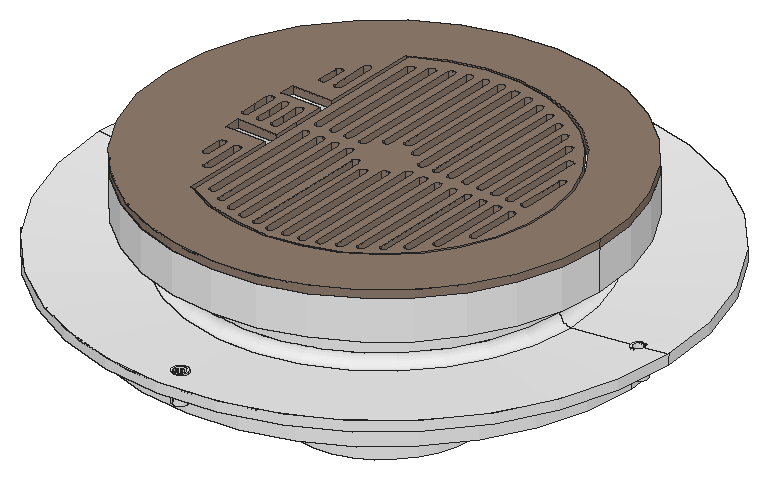
Revit family "Drain_Floor_Zurn-Z310-ThoroFlush", category Plumbing Fixtures, Revit 2022
Family settings
  Round Connector Dimension = Use Radius
  Part Type = Normal
  OmniClass Number = 23.45.55.21
  OmniClass Title = Drains (Wastes)
  Work Plane-Based = No
  Always vertical = Yes
  Cut with Voids When Loaded = No
  Maintain Annotation Orientation = No
  Shared = No
  Room Calculation Point = No
Parameters (values of type "Load Family Type Catalog")
  Waste Connection = 1 = 1  # yes
  WFU = 1  # constant formula
  Vent Connection = 1 = 0  # no
  URL = "www.zurn.com"
  Type Comments = "ZB310 4 Inch Threaded Outlet"
  Product data url = "https://www.bimobject.com/en-us/zurnindustries/product/zurn-z310"
  Product Page URL = "https://www.zurn.com/products/drainage-interceptors/floor-drains/flushing-rim-drains/z310"
  Product Documentation Link = "https://files.zurn.com/spec-sheets/z310.pdf"
  Pipe Size_A Outer Radius = Pipe Size_A Outer Diameter / 2  # 2.250"
  Pipe Size_A Outer Diameter = 4.500"
  Pipe Size_A Nominal Radius = Pipe Size_A Nominal Diameter / 2  # 2.000"
  Pipe Size_A Nominal Diameter = 4.000"
  Pipe Size_A Inside Radius = Pipe Size_A Inside Diameter / 2  # 2.013"
  Pipe Size_A Inside Diameter = 4.026"
  Modified Date = "12/11/2025"  # constant formula
  Model = "ZB310"
  Manufacurer Brand = "Zurn"  # constant formula
  Manufacturer = "Zurn Water, LLC"  # constant formula
  Main Material = Cast Iron- Zurn- White A.R.E Coated- Interior
  HWFU = 0  # constant formula
  HW Connection = 1 = 0  # no
  Grate Open Area = 18.000"  # constant formula
  Grate [instance] = Bronze - Zurn - Polished
  Description = "THOROFLUSH DRAIN"  # constant formula
  Default Elevation = 20.000"  # constant formula
  Date Created = "11/13/2018"  # constant formula
  Connector Radius = Pipe Size_A Nominal Diameter / 2  # 2.000"
  CWFU = 0  # constant formula
  CW Connection = 1 = 0  # no
  Body Height_E = 5.500"
  Assembly Code = "D2030300"
  Approx. Weight (Lbs) = 20.000"  # constant formula
Reference planes (in)
  plane 1 "Center (Front/Back)": y = 0
  plane 2: z = 0
  plane 3 "Center (Left/Right)": x = 0
  plane 4: x = -5.5
  plane 5: x = 5.5
  plane 6: x = 7.25
  plane 7: x = -7.25
  plane 8: x = 2
  plane 9: x = -2
  plane 10: x = -27.25
  plane 11: x = 29.25
  plane 12: x = 2.25
  plane 13: x = -2.25
  plane 14: x = -2.013
  plane 15: x = 2.013
  plane 16: x = 4.21875
  plane 17: x = 4.96875
  plane 18: x = 3.71875
  plane 19: z = -2
  plane 20 "outlet": z = -5.6875
  plane 21: z = -0.1875
  plane 22 "001": z = -3.125
  plane 23: z = -1.1875
  plane 24: y = 2
  plane 25: y = -2
  plane 26: z = -2.78805
Forms (in)
  Revolve 1, solid, material "Cast Iron- Zurn- White A.R.E Coated- Interior" <- "Main Material", detail levels fine
    sketch origin (0, 0, 0) x (1, 0, 0) y (0, 0, 1)
      loop
        line (5.5, -0.1875) -> (4.96875, -0.1875) -> (4.96875, -1.02324) -> (4.21875, -1.02324) -> (4.21875, -2.35122) -> (4.15557, -2.35122)
        arc (4.15557, -2.35122) -> (3.84669, -2.47917) -> (3.71875, -2.78805) r 0.43682
        line (3.71875, -2.78805) -> (3.71875, -2.89651) -> (2.25, -2.89651) -> (2.25, -3.125) -> (6.29687, -3.125) -> (6.29687, -2.35155) -> (7.25, -2.25138) -> (7.25, -2) -> (4.75947, -2.26177)
        arc (4.75947, -2.26177) -> (4.55584, -2.1956) -> (4.46875, -2) r 0.26321
        line (4.46875, -2) -> (4.46875, -1.4375)
        arc (4.46875, -1.4375) -> (4.54197, -1.26072) -> (4.71875, -1.1875) r 0.25
        line (4.71875, -1.1875) -> (5.5, -1.1875) -> (5.5, -0.1875)
      axis (0, -0.1875) -> (0, -3.125)
    angle from 0 to 360
  Extrusion 2, solid, material "Cast Iron- Zurn- White A.R.E Coated- Interior" <- "Main Material", detail levels fine
    sketch origin (0, 0, -3.125) x (-1, 0, 0) y (0, -1, 0)
      loop
        circle (0, 0) r 2.25
      loop
        circle (0, 0) r 2.013
    from 0 to -2.5625
  Extrusion 3, solid, material "Cast Iron- Zurn- White A.R.E Coated- Interior" <- "Main Material", detail levels fine
    sketch origin (0, 0, 0) x (1, 0, 0) y (0, 1, 0)
      loop
        circle (0, 6.5) r 0.1875
    from -2.06351 to -2.7731
  Extrusion 4, solid, material "Cast Iron- Zurn- White A.R.E Coated- Interior" <- "Main Material", detail levels fine
    sketch origin (0, 0, 0) x (0, -1, 0) y (1, 0, 0)
      loop
        circle (0, 6.5) r 0.1875
    from -2.08761 to -2.7731
  Extrusion 5, solid, material "Cast Iron- Zurn- White A.R.E Coated- Interior" <- "Main Material", detail levels fine
    sketch origin (0, 0, 0) x (-1, 0, 0) y (0, -1, 0)
      loop
        circle (0, 6.5) r 0.1875
    from -2.0574 to -2.7731
  Extrusion 6, solid, material "Cast Iron- Zurn- White A.R.E Coated- Interior" <- "Main Material", detail levels fine
    sketch origin (0, 0, 0) x (0, 1, 0) y (-1, 0, 0)
      loop
        circle (0, 6.5) r 0.1875
    from -2.08761 to -2.7731
  Extrusion 7, void
    sketch origin (0, 0, 0) x (1, 0, 0) y (0, 1, 0)
      loop
        circle (0, 6.5) r 0.14063
    from -2 to -3.125
  Extrusion 8, void
    sketch origin (0, 0, 0) x (0, -1, 0) y (1, 0, 0)
      loop
        circle (0, 6.5) r 0.14063
    from -2 to -3.125
  Extrusion 9, void
    sketch origin (0, 0, 0) x (-1, 0, 0) y (0, -1, 0)
      loop
        circle (0, 6.5) r 0.14063
    from -2 to -3.125
  Extrusion 10, void
    sketch origin (0, 0, 0) x (0, 1, 0) y (-1, 0, 0)
      loop
        circle (0, 6.5) r 0.14063
    from -2 to -3.125
Cuts and joins
  Extrusion 7, Extrusion 8, Extrusion 9, Extrusion 10 cuts Revolve 1
  Extrusion 7, Extrusion 8 cuts Extrusion 3
  Extrusion 9 cuts Extrusion 5
  Extrusion 10 cuts Extrusion 6
  Extrusion 8 cuts Extrusion 4
Lines and regions (in)
  Masking region 1
    outline origin (0, 0, 0) x (1, 0, 0) y (0, 1, 0)
      loop
        circle (0, 0) r 7.25
  model lines, detail levels coarse+medium
    curve 1: circle (0, 0, 0) r 5.5 normal (0, 0, 1)
    curve 2: circle (0, 0, 0) r 5.05371 normal (0, 0, 1)
    curve 3: line (-4.68261, 1.90083, 0) -> (-4.68261, -1.90083, 0)
    curve 4: line (-3.51196, 3.63403, 0) -> (-3.51196, -3.63403, 0)
    curve 5: line (-2.34131, 4.47865, 0) -> (-2.34131, -4.47865, 0)
    curve 6: line (-1.17065, 4.91626, 0) -> (-1.17065, -4.91626, 0)
    curve 7: line (4.68261, 1.90083, 0) -> (4.68261, -1.90083, 0)
    curve 8: line (3.51196, 3.63403, 0) -> (3.51196, -3.63403, 0)
    curve 9: line (2.34131, 4.47865, 0) -> (2.34131, -4.47865, 0)
    curve 10: line (1.17065, 4.91626, 0) -> (1.17065, -4.91626, 0)
    curve 11: line (0, 5.05371, 0) -> (0, -5.05371, 0)
    curve 12: line (-2.62737, 4.31705, 0) -> (2.62737, 4.31705, 0)
    curve 13: line (-3.8803, 3.23779, 0) -> (3.8803, 3.23779, 0)
    curve 14: line (-4.56955, 2.15853, 0) -> (4.56955, 2.15853, 0)
    curve 15: line (-4.93713, 1.07926, 0) -> (4.9589, 1.07926, 0)
    curve 16: line (-2.62737, -4.31705, 0) -> (2.62737, -4.31705, 0)
    curve 17: line (-3.8803, -3.23779, 0) -> (3.8803, -3.23779, 0)
    curve 18: line (-4.56955, -2.15853, 0) -> (4.56955, -2.15853, 0)
    curve 19: line (-4.93713, -1.07926, 0) -> (4.93713, -1.07926, 0)
    curve 20: line (-5.05371, 0, 0) -> (5.05371, 0, 0)
    curve 21: line (0, 0, 0) -> (0, 0, -5.6875)
    curve 22: line (0, 2, -5.6875) -> (0, -2, -5.6875)
    curve 23: line (-2, 0, -5.6875) -> (2, 0, -5.6875)
Dimensions and locks (in)
  equal spacing: plane 4, plane 3 "Center (Left/Right)", plane 5
  locked: plane 4 to plane 5 at 11
  equal spacing: plane 7, plane 3 "Center (Left/Right)", plane 6
  locked: plane 7 to plane 6 at 14.5
  equal spacing: plane 9, plane 3 "Center (Left/Right)", plane 8
  locked: plane 9 to plane 8 at 4
  plane 10 to plane 3 "Center (Left/Right)" to plane 11 = 27.250", 29.250"
  equal spacing: plane 13, plane 3 "Center (Left/Right)", plane 12
  "Pipe Size_A Outer Diameter": plane 13 to plane 12
  equal spacing: plane 14, plane 3 "Center (Left/Right)", plane 15
  "Pipe Size_A Inside Diameter": plane 14 to plane 15
  locked: plane 17 to plane 5 at 0.53125
  locked: plane 16 to plane 5 at 1.28125
  locked: plane 3 "Center (Left/Right)" to plane 18 at 3.71875
  locked: level to plane 21 at 0.1875
  locked: level to plane 19 at 2
  locked: plane 21 to plane 22 "001" at 2.9375
  locked: level to plane 23 at 1.1875
  plane 19 to Extrusion 3 to Extrusion 3 = 0.06351" locked, 0.7096" locked
  plane 19 to Extrusion 6 to Extrusion 6 = 0.08761" locked, 0.68549" locked
  plane 19 to Extrusion 5 to Extrusion 5 = 0.0574" locked, 0.71571" locked
  locked: plane 1 "Center (Front/Back)" to Extrusion 7 sketch curve at 6.5
  locked: Extrusion 5 sketch curve to plane 1 "Center (Front/Back)" at 6.5
  locked: nested 1 to Extrusion 4 sketch curve at 6.5
  locked: plane 1 "Center (Front/Back)" to Extrusion 3 sketch curve at 6.5
  locked: nested 1 to Extrusion 6 sketch curve at 6.5
  locked: Extrusion 9 sketch curve to plane 1 "Center (Front/Back)" at 6.5
  locked: nested 1 to Extrusion 8 sketch curve at 6.5
  locked: Extrusion 10 sketch curve to plane 3 "Center (Left/Right)" at 6.5
  equal spacing: curve 3, curve 4, curve 5, curve 6, plane 3 "Center (Left/Right)", curve 10, curve 9, curve 8, curve 7, locked at 1.17065 each
  equal spacing: curve 16, curve 17, curve 18, curve 19, plane 1 "Center (Front/Back)", curve 15, curve 14, curve 13, curve 12, locked at 1.07926 each
  plane 24 to plane 1 "Center (Front/Back)" to plane 25 = 2.000", 2.000"
  locked: plane 24 to plane 25 at 4
  locked: Revolve 1 sketch curve to Revolve 1 sketch curve at 0.95313
  locked: Revolve 1 sketch curve to Revolve 1 sketch curve at 0.25  (x2)
  locked: cut or joined group of Revolve 1, Extrusion 7, Extrusion 8, Extrusion 9, Extrusion 10 to cut or joined group of Revolve 1, Extrusion 7, Extrusion 8, Extrusion 9, Extrusion 10 at 0.83574
  locked: Revolve 1 sketch curve to Revolve 1 sketch curve at 0.54528
  locked: Revolve 1 sketch curve to Revolve 1 sketch curve at 0.22849
  locked: Revolve 1 sketch curve to plane 18 at 0.43682
  locked: plane 17 to Revolve 1 sketch curve at 0.23679
  locked: Revolve 1 sketch curve to plane 23 at 0.25
  locked: plane 17 to Revolve 1 sketch curve at 0.25
  "Body Height_E": plane 20 "outlet" to plane 21
  "Pipe Size_A Inside Radius": radius of Extrusion 2 sketch curve
  "Pipe Size_A Outer Radius": radius of Extrusion 2 sketch curve
  radius of Revolve 1 sketch curve = 0.43682"
  locked: Revolve 1 sketch curve to Revolve 1 sketch curve (angle 84.00°)
  aligned and locked: plane 2 to level
  aligned and locked: Revolve 1 sketch curve to plane 5
  aligned and locked: plane 12 to Revolve 1 sketch curve
  aligned and locked: plane 3 "Center (Left/Right)" to Extrusion 2 sketch curve  (x2)
  aligned and locked: plane 1 "Center (Front/Back)" to Extrusion 2 sketch curve  (x2)
  aligned and locked: Extrusion 2 to plane 20 "outlet"
  aligned and locked: Extrusion 7 to plane 22 "001"
  aligned and locked: plane 19 to Extrusion 7
  aligned and locked: plane 3 "Center (Left/Right)" to Extrusion 5 sketch curve
  aligned and locked: plane 1 "Center (Front/Back)" to Extrusion 4 sketch curve
  aligned and locked: plane 3 "Center (Left/Right)" to Extrusion 3 sketch curve
  aligned and locked: plane 3 "Center (Left/Right)" to Extrusion 9 sketch curve
  aligned and locked: plane 1 "Center (Front/Back)" to Extrusion 8 sketch curve
  aligned and locked: plane 3 "Center (Left/Right)" to Extrusion 7 sketch curve
  aligned and locked: plane 1 "Center (Front/Back)" to Extrusion 10 sketch curve
  aligned and locked: curve 11 to plane 3 "Center (Left/Right)"
  aligned and locked: plane 1 "Center (Front/Back)" to curve 20
  aligned and locked: plane 20 "outlet" to curve 21
  aligned and locked: level to curve 21
  aligned and locked: curve 21 to plane 3 "Center (Left/Right)"
  aligned and locked: plane 24 to curve 22
  aligned and locked: plane 25 to curve 22
  aligned and locked: curve 22 to plane 3 "Center (Left/Right)"
  aligned and locked: plane 9 to curve 23
  aligned and locked: plane 8 to curve 23
  aligned and locked: plane 1 "Center (Front/Back)" to curve 23
  aligned and locked: plane 1 "Center (Front/Back)" to Masking region 1 sketch curve
  aligned and locked: plane 3 "Center (Left/Right)" to Masking region 1 sketch curve
  aligned and locked: Revolve 1 sketch curve to plane 17
  aligned and locked: plane 6 to Revolve 1 sketch curve
  aligned and locked: plane 18 to Revolve 1 sketch curve
  aligned and locked: plane 22 "001" to Extrusion 2
  aligned and locked: plane 22 "001" to Revolve 1 sketch curve
  aligned and locked: plane 26 to Revolve 1 sketch curve
  aligned and locked: plane 19 to Revolve 1 sketch curve  (x2)
  aligned and locked: plane 16 to Revolve 1 sketch curve
  aligned and locked: plane 23 to Revolve 1 sketch curve
  aligned and locked: Revolve 1 sketch curve to plane 21
  aligned and locked: level to nested 1
  aligned and locked: plane 3 "Center (Left/Right)" to curve 1
  aligned and locked: plane 1 "Center (Front/Back)" to curve 1
Automatic sketch dimensions
  plane 1 "Center (Front/Back)" to Extrusion 6 sketch curve = 0.000"
  Revolve 1 sketch curve to level = 0.000"
  Revolve 1 sketch curve to plane 3 "Center (Left/Right)" = 0.000"
  Revolve 1 sketch curve to plane 20 "outlet" = 0.000"
  plane 23 to Revolve 1 sketch curve = 0.16426"
  plane 1 "Center (Front/Back)" to curve 2 = 0.000"
  curve 2 to plane 3 "Center (Left/Right)" = 0.000"
  plane 9 to curve 6 = 0.82935"
  curve 16 to curve 5 = 0.28607"
  curve 13 to curve 4 = 0.36834"
  curve 15 to plane 17 = 0.00985"
  radius of Extrusion 3 sketch curve = 0.1875"
  radius of Extrusion 4 sketch curve = 0.1875"
  radius of Extrusion 5 sketch curve = 0.1875"
  radius of Extrusion 6 sketch curve = 0.1875"
  radius of Extrusion 7 sketch curve = 0.14063"
  radius of Extrusion 8 sketch curve = 0.14063"
  radius of Extrusion 9 sketch curve = 0.14063"
  radius of Extrusion 10 sketch curve = 0.14063"
  radius of Masking region 1 sketch curve = 7.250"
  radius of curve 1 = 5.500"
Nested families (in)
  nested 1: "Grate" at (0, 0, 0.3125), Grate Material <- "Grate", type "Grate", detail levels fine
    with Grate Material Bronze - Zurn - Polished, Frame Adjustment Height 3.063", Enter Value-Frame Adjustment Height 0.000"
Connectors (in)
  piping at (0, 0, -5.6875), diameter 4, driven by "Pipe Size_A Nominal Radius", driven by "Waste Connection", driven by "Waste Connection"
    settings: on Extrusion 2, index 1, connector inside diameter 24", connector length 0.000", flow factor 0, pipe flow 0 GPM, pressure drop 0.00 psi, fitting loss kfactor 0, connector angle 0.00°, fixture units 0, engagement length 0.000", angle of deflection 0.00°, flow configuration 0, flow direction 2, fitting loss method 0, system type 16, joint type 0, gender type 0, connector reference index -1, connector utility 1, adjustable connector yes, is connector primary yes, connector description "Sanitary Outlet"
Definition of nested family "Grate"
  Parameters (values of type "Grate")
    Waste Connection = 1 = 1  # yes
    WFU = 1  # constant formula
    Vent Connection = 1 = 0  # no
    URL = "www.zurn.com"
    Product data url = ""
    Product Page URL = ""
    Product Installation Sheet URL = ""
    Product Documentation Link = ""
    Pipe Size_A Outer Diameter = 0.000"
    Pipe Size_A Nominal Diameter = 0.000"
    Pipe Size_A Inside Diameter = 0.000"
    Modified Date = ""
    Manufacurer Brand = "Zurn"  # constant formula
    Manufacturer = "Zurn Water, LLC"  # constant formula
    Main Material = none
    HWFU = 0  # constant formula
    HW Connection = 1 = 0  # no
    Grate Open Area = 0.000"
    Grate Material [instance] = none
    Frame Adjustment Height [instance] = if([Enter Value-Frame Adjustment Height] < 3.063", 3.063", if([Enter Value-Frame Adjustment Height] > 5.000", 5.000", [Enter Value-Frame Adjustment Height]))  # 3.063"
    Enter Value-Frame Adjustment Height [instance] = 0.000"
    Default Elevation = 20.000"  # constant formula
    Date Created = ""
    Connector Radius = Pipe Size_A Nominal Diameter / 2  # 0.000"
    CWFU = 0  # constant formula
    CW Connection = 1 = 0  # no
    Body Height_E = 0.000"
    Assembly Code = ""
    Approx. Weight (Lbs) = 0.000"
  Reference planes (in)
    plane 1 "Center (Front/Back)": y = 0
    plane 2: z = 0
    plane 3 "Center (Left/Right)": x = 0
  Forms (in)
    Extrusion 1, solid, material <- "Grate Material", detail levels fine
      sketch origin (0.10152, -0.06907, 0) x (1, 0, 0) y (0, 1, 0)
        loop
          line (-0.10557, 3.66468) -> (-0.10557, 0.72389)
          arc (-0.10557, 0.72389) -> (-0.00754, 0.62586) -> (0.09049, 0.72389) r 0.09803
          line (0.09049, 0.72389) -> (0.09049, 3.66468)
          arc (0.09049, 3.66468) -> (-0.00754, 3.76271) -> (-0.10557, 3.66468) r 0.09803
        loop
          line (-0.28811, 0.51275) -> (-0.28811, 3.63452)
          arc (-0.28811, 3.63452) -> (-0.38186, 3.72827) -> (-0.47561, 3.63452) r 0.09375
          line (-0.47561, 3.63452) -> (-0.47561, 0.51275)
          arc (-0.47561, 0.51275) -> (-0.38186, 0.419) -> (-0.28811, 0.51275) r 0.09375
        loop
          arc (-0.66311, 3.58928) -> (-0.75686, 3.68303) -> (-0.85061, 3.58928) r 0.09375
          line (-0.85061, 3.58928) -> (-0.85061, 0.22622)
          arc (-0.85061, 0.22622) -> (-0.75686, 0.13247) -> (-0.66311, 0.22622) r 0.09375
          line (-0.66311, 0.22622) -> (-0.66311, 3.58928)
        loop
          line (-1.03811, 0.22622) -> (-1.03811, 3.48371)
          arc (-1.03811, 3.48371) -> (-1.13186, 3.57746) -> (-1.22561, 3.48371) r 0.09375
          line (-1.22561, 3.48371) -> (-1.22561, 0.22622)
          arc (-1.22561, 0.22622) -> (-1.13186, 0.13247) -> (-1.03811, 0.22622) r 0.09375
        loop
          line (-1.41311, 0.22622) -> (-1.41311, 3.3329)
          arc (-1.41311, 3.3329) -> (-1.50686, 3.42665) -> (-1.60061, 3.3329) r 0.09375
          line (-1.60061, 3.3329) -> (-1.60061, 0.22622)
          arc (-1.60061, 0.22622) -> (-1.50686, 0.13247) -> (-1.41311, 0.22622) r 0.09375
        loop
          arc (-1.78811, 3.13685) -> (-1.88186, 3.2306) -> (-1.97561, 3.13685) r 0.09375
          line (-1.97561, 3.13685) -> (-1.97561, 0.22622)
          arc (-1.97561, 0.22622) -> (-1.88186, 0.13247) -> (-1.78811, 0.22622) r 0.09375
          line (-1.78811, 0.22622) -> (-1.78811, 3.13685)
        loop
          line (0.27146, 3.63452) -> (0.27146, 0.51275)
          arc (0.27146, 0.51275) -> (0.36948, 0.41473) -> (0.46751, 0.51275) r 0.09803
          line (0.46751, 0.51275) -> (0.46751, 3.63452)
          arc (0.46751, 3.63452) -> (0.36948, 3.73255) -> (0.27146, 3.63452) r 0.09803
        loop
          arc (0.64848, 0.22622) -> (0.74651, 0.12819) -> (0.84454, 0.22622) r 0.09803
          line (0.84454, 0.22622) -> (0.84454, 3.58928)
          arc (0.84454, 3.58928) -> (0.74651, 3.6873) -> (0.64848, 3.58928) r 0.09803
          line (0.64848, 3.58928) -> (0.64848, 0.22622)
        loop
          line (1.02551, 3.48371) -> (1.02551, 0.22622)
          arc (1.02551, 0.22622) -> (1.11599, 0.13573) -> (1.20648, 0.22622) r 0.09049
          line (1.20648, 0.22622) -> (1.20648, 3.48371)
          arc (1.20648, 3.48371) -> (1.11599, 3.5742) -> (1.02551, 3.48371) r 0.09049
        loop
          line (1.40253, 3.3329) -> (1.40253, 0.22622)
          arc (1.40253, 0.22622) -> (1.49302, 0.13573) -> (1.58351, 0.22622) r 0.09049
          line (1.58351, 0.22622) -> (1.58351, 3.3329)
          arc (1.58351, 3.3329) -> (1.49302, 3.42339) -> (1.40253, 3.3329) r 0.09049
        loop
          line (1.77956, 3.13685) -> (1.77956, 0.22622)
          arc (1.77956, 0.22622) -> (1.87004, 0.13573) -> (1.96053, 0.22622) r 0.09049
          line (1.96053, 0.22622) -> (1.96053, 3.13685)
          arc (1.96053, 3.13685) -> (1.87004, 3.22733) -> (1.77956, 3.13685) r 0.09049
        loop
          line (2.15658, 2.88047) -> (2.15658, 0.22622)
          arc (2.15658, 0.22622) -> (2.24707, 0.13573) -> (2.33756, 0.22622) r 0.09049
          line (2.33756, 0.22622) -> (2.33756, 2.88047)
          arc (2.33756, 2.88047) -> (2.24707, 2.97096) -> (2.15658, 2.88047) r 0.09049
        loop
          arc (2.51853, 0.20906) -> (2.62441, 0.12781) -> (2.71458, 0.22622) r 0.09878
          line (2.71458, 0.22622) -> (2.71458, 2.54869)
          arc (2.71458, 2.54869) -> (2.61655, 2.64672) -> (2.51853, 2.54869) r 0.09803
          line (2.51853, 2.54869) -> (2.51853, 0.20906)
        loop
          arc (2.89555, 0.22622) -> (2.99358, 0.12819) -> (3.09161, 0.22622) r 0.09803
          line (3.09161, 0.22622) -> (3.09161, 2.09626)
          arc (3.09161, 2.09626) -> (2.99358, 2.19429) -> (2.89555, 2.09626) r 0.09803
          line (2.89555, 2.09626) -> (2.89555, 0.22622)
        loop
          line (3.27258, 1.40253) -> (3.27258, 0.22622)
          arc (3.27258, 0.22622) -> (3.36306, 0.13573) -> (3.45355, 0.22622) r 0.09049
          line (3.45355, 0.22622) -> (3.45355, 1.40253)
          arc (3.45355, 1.40253) -> (3.36306, 1.49302) -> (3.27258, 1.40253) r 0.09049
        loop
          arc (-0.10557, -3.66468) -> (-0.00754, -3.76271) -> (0.09049, -3.66468) r 0.09803
          line (0.09049, -3.66468) -> (0.09049, -0.72389)
          arc (0.09049, -0.72389) -> (-0.00754, -0.62586) -> (-0.10557, -0.72389) r 0.09803
          line (-0.10557, -0.72389) -> (-0.10557, -3.66468)
        loop
          arc (-0.28811, -0.51275) -> (-0.38186, -0.419) -> (-0.47561, -0.51275) r 0.09375
          line (-0.47561, -0.51275) -> (-0.47561, -3.63452)
          arc (-0.47561, -3.63452) -> (-0.38186, -3.72827) -> (-0.28811, -3.63452) r 0.09375
          line (-0.28811, -3.63452) -> (-0.28811, -0.51275)
        loop
          line (-0.66311, -3.58928) -> (-0.66311, -0.22622)
          arc (-0.66311, -0.22622) -> (-0.75686, -0.13247) -> (-0.85061, -0.22622) r 0.09375
          line (-0.85061, -0.22622) -> (-0.85061, -3.58928)
          arc (-0.85061, -3.58928) -> (-0.75686, -3.68303) -> (-0.66311, -3.58928) r 0.09375
        loop
          arc (-1.03811, -0.22622) -> (-1.13186, -0.13247) -> (-1.22561, -0.22622) r 0.09375
          line (-1.22561, -0.22622) -> (-1.22561, -3.48371)
          arc (-1.22561, -3.48371) -> (-1.13186, -3.57746) -> (-1.03811, -3.48371) r 0.09375
          line (-1.03811, -3.48371) -> (-1.03811, -0.22622)
        loop
          arc (-1.41311, -0.22622) -> (-1.50686, -0.13247) -> (-1.60061, -0.22622) r 0.09375
          line (-1.60061, -0.22622) -> (-1.60061, -3.3329)
          arc (-1.60061, -3.3329) -> (-1.50686, -3.42665) -> (-1.41311, -3.3329) r 0.09375
          line (-1.41311, -3.3329) -> (-1.41311, -0.22622)
        loop
          line (-1.78811, -3.13685) -> (-1.78811, -0.22622)
          arc (-1.78811, -0.22622) -> (-1.88186, -0.13247) -> (-1.97561, -0.22622) r 0.09375
          line (-1.97561, -0.22622) -> (-1.97561, -3.13685)
          arc (-1.97561, -3.13685) -> (-1.88186, -3.2306) -> (-1.78811, -3.13685) r 0.09375
        loop
          arc (0.27146, -3.63452) -> (0.36948, -3.73255) -> (0.46751, -3.63452) r 0.09803
          line (0.46751, -3.63452) -> (0.46751, -0.51275)
          arc (0.46751, -0.51275) -> (0.36948, -0.41473) -> (0.27146, -0.51275) r 0.09803
          line (0.27146, -0.51275) -> (0.27146, -3.63452)
        loop
          line (0.64848, -0.22622) -> (0.64848, -3.58928)
          arc (0.64848, -3.58928) -> (0.74651, -3.6873) -> (0.84454, -3.58928) r 0.09803
          line (0.84454, -3.58928) -> (0.84454, -0.22622)
          arc (0.84454, -0.22622) -> (0.74651, -0.12819) -> (0.64848, -0.22622) r 0.09803
        loop
          arc (1.02551, -3.48371) -> (1.11599, -3.5742) -> (1.20648, -3.48371) r 0.09049
          line (1.20648, -3.48371) -> (1.20648, -0.22622)
          arc (1.20648, -0.22622) -> (1.11599, -0.13573) -> (1.02551, -0.22622) r 0.09049
          line (1.02551, -0.22622) -> (1.02551, -3.48371)
        loop
          arc (1.40253, -3.3329) -> (1.49302, -3.42339) -> (1.58351, -3.3329) r 0.09049
          line (1.58351, -3.3329) -> (1.58351, -0.22622)
          arc (1.58351, -0.22622) -> (1.49302, -0.13573) -> (1.40253, -0.22622) r 0.09049
          line (1.40253, -0.22622) -> (1.40253, -3.3329)
        loop
          arc (1.77956, -3.13685) -> (1.87004, -3.22733) -> (1.96053, -3.13685) r 0.09049
          line (1.96053, -3.13685) -> (1.96053, -0.22622)
          arc (1.96053, -0.22622) -> (1.87004, -0.13573) -> (1.77956, -0.22622) r 0.09049
          line (1.77956, -0.22622) -> (1.77956, -3.13685)
        loop
          arc (2.15658, -2.88047) -> (2.24707, -2.97096) -> (2.33756, -2.88047) r 0.09049
          line (2.33756, -2.88047) -> (2.33756, -0.22622)
          arc (2.33756, -0.22622) -> (2.24707, -0.13573) -> (2.15658, -0.22622) r 0.09049
          line (2.15658, -0.22622) -> (2.15658, -2.88047)
        loop
          line (2.51853, -0.20906) -> (2.51853, -2.54869)
          arc (2.51853, -2.54869) -> (2.61655, -2.64672) -> (2.71458, -2.54869) r 0.09803
          line (2.71458, -2.54869) -> (2.71458, -0.22622)
          arc (2.71458, -0.22622) -> (2.62441, -0.12781) -> (2.51853, -0.20906) r 0.09878
        loop
          line (2.89555, -0.22622) -> (2.89555, -2.09626)
          arc (2.89555, -2.09626) -> (2.99358, -2.19429) -> (3.09161, -2.09626) r 0.09803
          line (3.09161, -2.09626) -> (3.09161, -0.22622)
          arc (3.09161, -0.22622) -> (2.99358, -0.12819) -> (2.89555, -0.22622) r 0.09803
        loop
          arc (3.27258, -1.40253) -> (3.36306, -1.49302) -> (3.45355, -1.40253) r 0.09049
          line (3.45355, -1.40253) -> (3.45355, -0.22622)
          arc (3.45355, -0.22622) -> (3.36306, -0.13573) -> (3.27258, -0.22622) r 0.09049
          line (3.27258, -0.22622) -> (3.27258, -1.40253)
        loop
          line (-3.03128, 2.17166) -> (-3.03128, 1.68907)
          arc (-3.03128, 1.68907) -> (-2.9408, 1.59859) -> (-2.85031, 1.68907) r 0.09049
          line (-2.85031, 1.68907) -> (-2.85031, 2.17166)
          arc (-2.85031, 2.17166) -> (-2.9408, 2.26215) -> (-3.03128, 2.17166) r 0.09049
        loop
          line (-2.66934, 2.60901) -> (-2.66934, 1.68907)
          arc (-2.66934, 1.68907) -> (-2.57131, 1.59105) -> (-2.47328, 1.68907) r 0.09803
          line (-2.47328, 1.68907) -> (-2.47328, 2.60901)
          arc (-2.47328, 2.60901) -> (-2.57131, 2.70704) -> (-2.66934, 2.60901) r 0.09803
        loop
          line (-3.40831, 0.06907) -> (-3.40831, -0.30593)
          arc (-3.40831, -0.30593) -> (-3.31782, -0.39642) -> (-3.22733, -0.30593) r 0.09049
          line (-3.22733, -0.30593) -> (-3.22733, 0.06907) -> (-3.22733, 0.44407)
          arc (-3.22733, 0.44407) -> (-3.31782, 0.53456) -> (-3.40831, 0.44407) r 0.09049
          line (-3.40831, 0.44407) -> (-3.40831, 0.06907)
        loop
          line (-3.03128, 0.44407) -> (-3.03128, 0.06907) -> (-3.03128, -0.30593)
          arc (-3.03128, -0.30593) -> (-2.9408, -0.39642) -> (-2.85031, -0.30593) r 0.09049
          line (-2.85031, -0.30593) -> (-2.85031, 0.06907) -> (-2.85031, 0.44407)
          arc (-2.85031, 0.44407) -> (-2.9408, 0.53456) -> (-3.03128, 0.44407) r 0.09049
        loop
          line (-2.66934, 0.44407) -> (-2.66934, 0.06907) -> (-2.66934, -0.30593)
          arc (-2.66934, -0.30593) -> (-2.57131, -0.40396) -> (-2.47328, -0.30593) r 0.09803
          line (-2.47328, -0.30593) -> (-2.47328, 0.06907) -> (-2.47328, 0.44407)
          arc (-2.47328, 0.44407) -> (-2.57131, 0.5421) -> (-2.66934, 0.44407) r 0.09803
        loop
          line (-3.28766, 1.13157) -> (-3.28766, 0.75657) -> (-2.29231, 0.75657) -> (-2.29231, 0) -> (-2.29231, -0.61843) -> (-3.28766, -0.61843) -> (-3.28766, -0.99343) -> (-2.29231, -0.99343) -> (-2.29231, -3.35209)
          arc (-2.29231, -3.35209) -> (3.96098, 0.06907) -> (-2.29231, 3.49023) r 4.0625
          line (-2.29231, 3.49023) -> (-2.29231, 1.13157) -> (-3.28766, 1.13157)
        loop
          circle (-0.10152, 0.06907) r 5.5
        loop
          arc (-3.03128, -2.03352) -> (-2.9408, -2.12401) -> (-2.85031, -2.03352) r 0.09049
          line (-2.85031, -2.03352) -> (-2.85031, -1.55093)
          arc (-2.85031, -1.55093) -> (-2.9408, -1.46045) -> (-3.03128, -1.55093) r 0.09049
          line (-3.03128, -1.55093) -> (-3.03128, -2.03352)
        loop
          arc (-2.66934, -2.47087) -> (-2.57131, -2.5689) -> (-2.47328, -2.47087) r 0.09803
          line (-2.47328, -2.47087) -> (-2.47328, -1.55093)
          arc (-2.47328, -1.55093) -> (-2.57131, -1.45291) -> (-2.66934, -1.55093) r 0.09803
          line (-2.66934, -1.55093) -> (-2.66934, -2.47087)
        loop
          line (-2.18674, 3.48255) -> (-2.18675, -3.34441)
          arc (-2.18675, -3.34441) -> (3.89848, 0.06907) -> (-2.18674, 3.48255) r 4
      from -0.5 to -0.3125
  Dimensions and locks (in)
    Extrusion 1 sketch curve to plane 1 "Center (Front/Back)" to Extrusion 1 sketch curve = 0.6875" locked, 0.6875" locked
    Extrusion 1 sketch curve to Extrusion 1 sketch curve to Extrusion 1 sketch curve to Extrusion 1 sketch curve to Extrusion 1 sketch curve to Extrusion 1 sketch curve to Extrusion 1 sketch curve to Extrusion 1 sketch curve to Extrusion 1 sketch curve to Extrusion 1 sketch curve to Extrusion 1 sketch curve to Extrusion 1 sketch curve to Extrusion 1 sketch curve to Extrusion 1 sketch curve to Extrusion 1 sketch curve to Extrusion 1 sketch curve to Extrusion 1 sketch curve to Extrusion 1 sketch curve to Extrusion 1 sketch curve to Extrusion 1 sketch curve to Extrusion 1 sketch curve to Extrusion 1 sketch curve to Extrusion 1 sketch curve to Extrusion 1 sketch curve to Extrusion 1 sketch curve to Extrusion 1 sketch curve to Extrusion 1 sketch curve to Extrusion 1 sketch curve to Extrusion 1 sketch curve to Extrusion 1 sketch curve = 0.1875" locked, 0.1875" locked, 0.1875" locked, 0.1875" locked, 0.1875" locked, 0.1875" locked, 0.1875" locked, 0.1875" locked, 0.1875" locked, 0.18254" locked, 0.19605" locked, 0.18097" locked, 0.19605" locked, 0.18097" locked, 0.19605" locked, 0.18097" locked, 0.18097" locked, 0.19605" locked, 0.18097" locked, 0.19605" locked, 0.18097" locked, 0.19605" locked, 0.18097" locked, 0.18097" locked, 0.19605" locked, 0.18097" locked, 0.19605" locked, 0.18097" locked, 0.18097" locked
    locked: plane 1 "Center (Front/Back)" to Extrusion 1 sketch curve at 1.62  (x4)
    locked: Extrusion 1 sketch curve to Extrusion 1 sketch curve at 0.375
    Extrusion 1 sketch curve to Extrusion 1 sketch curve = 0.375"
    locked: plane 1 "Center (Front/Back)" to Extrusion 1 sketch curve at 0.375  (x6)
    aligned and locked: plane 2 to level
    aligned and locked: Extrusion 1 sketch curve to Extrusion 1 sketch curve  (x29)
    aligned and locked: plane 1 "Center (Front/Back)" to Extrusion 1 sketch curve  (x2)
    aligned and locked: plane 3 "Center (Left/Right)" to Extrusion 1 sketch curve  (x2)
  Automatic sketch dimensions
    Extrusion 1 sketch curve to Extrusion 1 sketch curve = 0.000"  (x12)
    plane 1 "Center (Front/Back)" to Extrusion 1 sketch curve = 0.000"  (x6)
    Extrusion 1 sketch curve to plane 3 "Center (Left/Right)" = 0.00405"
    Extrusion 1 sketch curve to Extrusion 1 sketch curve = 0.3167"
    Extrusion 1 sketch curve to Extrusion 1 sketch curve = 0.18097"  (x7)
    Extrusion 1 sketch curve to Extrusion 1 sketch curve = 0.09803"  (x3)
    Extrusion 1 sketch curve to Extrusion 1 sketch curve = 0.09049"  (x4)
    Extrusion 1 sketch curve to Extrusion 1 sketch curve = 0.19605"  (x5)
    Extrusion 1 sketch curve to Extrusion 1 sketch curve = 0.25638"  (x4)
    Extrusion 1 sketch curve to Extrusion 1 sketch curve = 0.09728"  (x2)
    Extrusion 1 sketch curve to Extrusion 1 sketch curve = 0.48259"  (x2)
    plane 1 "Center (Front/Back)" to Extrusion 1 sketch curve = 2.16533"
    Extrusion 1 sketch curve to Extrusion 1 sketch curve = 0.43735"  (x2)
    Extrusion 1 sketch curve to Extrusion 1 sketch curve = 0.45243"  (x2)
    Extrusion 1 sketch curve to Extrusion 1 sketch curve = 0.33178"  (x2)
    Extrusion 1 sketch curve to Extrusion 1 sketch curve = 0.66598"
    Extrusion 1 sketch curve to Extrusion 1 sketch curve = 0.21524"
    Extrusion 1 sketch curve to Extrusion 1 sketch curve = 0.15081"  (x4)
    Extrusion 1 sketch curve to Extrusion 1 sketch curve = 0.10557"  (x6)
    Extrusion 1 sketch curve to Extrusion 1 sketch curve = 0.04524"  (x4)
    Extrusion 1 sketch curve to Extrusion 1 sketch curve = 0.03016"  (x2)
    Extrusion 1 sketch curve to Extrusion 1 sketch curve = 0.69373"  (x2)
    plane 1 "Center (Front/Back)" to Extrusion 1 sketch curve = 0.79296"
    Extrusion 1 sketch curve to Extrusion 1 sketch curve = 0.21113"  (x3)
    plane 1 "Center (Front/Back)" to Extrusion 1 sketch curve = 0.29529"  (x4)
    plane 1 "Center (Front/Back)" to Extrusion 1 sketch curve = 0.06907"
    Extrusion 1 sketch curve to plane 1 "Center (Front/Back)" = 0.13999"
    Extrusion 1 sketch curve to plane 1 "Center (Front/Back)" = 0.15714"  (x11)
    Extrusion 1 sketch curve to plane 1 "Center (Front/Back)" = 0.44368"  (x2)
    Extrusion 1 sketch curve to Extrusion 1 sketch curve = 1.17632"
    Extrusion 1 sketch curve to Extrusion 1 sketch curve = 0.35338"
    Extrusion 1 sketch curve to Extrusion 1 sketch curve = 0.00768"
    radius of Extrusion 1 sketch curve = 5.500"
Types in the file's own list only (12): name | Type Comments | Pipe Size_A Outer Radius | Pipe Size_A Outer Diameter | Pipe Size_A Nominal Radius | Pipe Size_A Nominal Diameter | Pipe Size_A Inside Radius | Pipe Size_A Inside Diameter | Model | Grate Open Area | Default Elevation | Connector Radius | Body Height_E | Approx. Weight (Lbs)
  ZB310-4 IP | "ZB310 With 4 Inch Threaded Outlet" | 2.250 " | 4.500 " | 2.000 " | 4.000 " | 2.013 " | 4.026 " | "ZB310" | 18.000 " | 20.000 " | 2.000 " | 5.500 " | 20.000 "
  ZB310-4 NL | "ZB310 With 4 Inch Neo-Loc Outlet" | 2.250 " | 4.500 " | 2.000 " | 4.000 " | 2.013 " | 4.026 " | "ZB310" | 18.000 " | 20.000 " | 2.000 " | 4.625 " | 20.000 "
  ZB310-2 IP | "ZB310 With 2 Inch Threaded Outlet" | 1.188 " | 2.375 " | 1.000 " | 2.000 " | 1.034 " | 2.067 " | "ZB310" | 18.000 " | 20.000 " | 1.000 " | 5.500 " | 20.000 "
  ZB310-2 NL | "ZB310 With 2 Inch Neo-Loc Outlet" | 1.188 " | 2.375 " | 1.000 " | 2.000 " | 1.034 " | 2.067 " | "ZB310" | 18.000 " | 20.000 " | 1.000 " | 4.625 " | 20.000 "
  ZB310-3 IP | "ZB310 With 3 Inch Threaded Outlet" | 1.750 " | 3.500 " | 1.500 " | 3.000 " | 1.534 " | 3.068 " | "ZB310" | 18.000 " | 20.000 " | 1.500 " | 5.500 " | 20.000 "
  ZB310-3 NL | "ZB310 With 3 Inch Neo-Loc Outlet" | 1.750 " | 3.500 " | 1.500 " | 3.000 " | 1.534 " | 3.068 " | "ZB310" | 18.000 " | 20.000 " | 1.500 " | 4.625 " | 20.000 "
  ZN310-4 IP | "ZN310 With 4 Inch Threaded Outlet" | 2.250 " | 4.500 " | 2.000 " | 4.000 " | 2.013 " | 4.026 " | "ZN310" | 18.000 " | 20.000 " | 2.000 " | 5.500 " | 20.000 "
  ZN310-4NL | "ZN310 With 4 Inch Neo-Loc Outlet" | 2.250 " | 4.500 " | 2.000 " | 4.000 " | 2.013 " | 4.026 " | "ZN310" | 18.000 " | 20.000 " | 2.000 " | 4.625 " | 20.000 "
  ZN310-2 IP | "ZN310 With 2 Inch Threaded Outlet" | 1.188 " | 2.375 " | 1.000 " | 2.000 " | 1.034 " | 2.067 " | "ZN310" | 18.000 " | 20.000 " | 1.000 " | 5.500 " | 20.000 "
  ZN310-2 NL | "ZN310 With 2 Inch Neo-Loc Outlet" | 1.188 " | 2.375 " | 1.000 " | 2.000 " | 1.034 " | 2.067 " | "ZN310" | 18.000 " | 20.000 " | 1.000 " | 4.625 " | 20.000 "
  ZN310-3 IP | "ZN310 With 3 Inch Threaded Outlet" | 1.750 " | 3.500 " | 1.500 " | 3.000 " | 1.534 " | 3.068 " | "ZN310" | 18.000 " | 20.000 " | 1.500 " | 5.500 " | 20.000 "
  ZN310-3 NL | "ZN310 With 3 Inch Neo-Loc Outlet" | 1.750 " | 3.500 " | 1.500 " | 3.000 " | 1.534 " | 3.068 " | "ZN310" | 18.000 " | 20.000 " | 1.500 " | 4.625 " | 20.000 "
